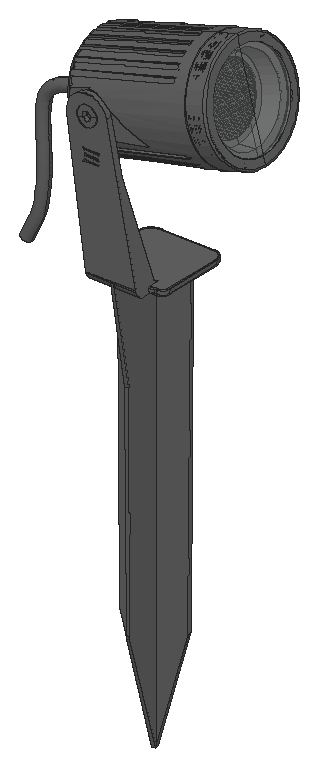
Revit family "STL23765_30 - 15°", category Luminárias, Revit 2023 (continued)
Forms (m)
  Extrusion 88, void, not visible
    sketch origin (0.146239, 0.1, 0.083329) x (1, 0, 0) y (0, 1, 0)
      loop
        line (-0.129582, 0.0135) -> (-0.128817, 0.012175) -> (-0.127287, 0.012175) -> (-0.126522, 0.0135) -> (-0.127287, 0.014825) -> (-0.128817, 0.014825) -> (-0.129582, 0.0135)
      loop
        line (-0.165955, 0.0105) -> (-0.16519, 0.009175) -> (-0.16366, 0.009175) -> (-0.162895, 0.0105) -> (-0.16366, 0.011825) -> (-0.16519, 0.011825) -> (-0.165955, 0.0105)
      loop
        line (-0.165955, 0.0135) -> (-0.16519, 0.012175) -> (-0.16366, 0.012175) -> (-0.162895, 0.0135) -> (-0.16366, 0.014825) -> (-0.16519, 0.014825) -> (-0.165955, 0.0135)
      loop
        line (-0.165955, -0.0105) -> (-0.16519, -0.011825) -> (-0.16366, -0.011825) -> (-0.162895, -0.0105) -> (-0.16366, -0.009175) -> (-0.16519, -0.009175) -> (-0.165955, -0.0105)
      loop
        line (-0.165955, -0.0135) -> (-0.16519, -0.014825) -> (-0.16366, -0.014825) -> (-0.162895, -0.0135) -> (-0.16366, -0.012175) -> (-0.16519, -0.012175) -> (-0.165955, -0.0135)
      loop
        line (-0.126522, -0.0135) -> (-0.127287, -0.012175) -> (-0.128817, -0.012175) -> (-0.129582, -0.0135) -> (-0.128817, -0.014825) -> (-0.127287, -0.014825) -> (-0.126522, -0.0135)
      loop
        line (-0.13218, -0.015) -> (-0.131415, -0.016325) -> (-0.129885, -0.016325) -> (-0.12912, -0.015) -> (-0.129885, -0.013675) -> (-0.131415, -0.013675) -> (-0.13218, -0.015)
      loop
        line (-0.129582, -0.0105) -> (-0.128817, -0.011825) -> (-0.127287, -0.011825) -> (-0.126522, -0.0105) -> (-0.127287, -0.009175) -> (-0.128817, -0.009175) -> (-0.129582, -0.0105)
      loop
        line (-0.126969, 0.005996) -> (-0.126204, 0.004671) -> (-0.124674, 0.004671) -> (-0.123909, 0.005996) -> (-0.124674, 0.007321) -> (-0.126204, 0.007321) -> (-0.126969, 0.005996)
      loop
        line (-0.126969, 0.002996) -> (-0.126204, 0.001671) -> (-0.124674, 0.001671) -> (-0.123909, 0.002996) -> (-0.124674, 0.004321) -> (-0.126204, 0.004321) -> (-0.126969, 0.002996)
      loop
        line (-0.126828, -0.000036) -> (-0.126196, -0.001325) -> (-0.124666, -0.001325) -> (-0.123901, 0) -> (-0.124666, 0.001325) -> (-0.126196, 0.001325) -> (-0.126828, -0.000036)
      loop
        line (-0.126961, -0.003) -> (-0.126196, -0.004325) -> (-0.124666, -0.004325) -> (-0.123901, -0.003) -> (-0.124666, -0.001675) -> (-0.126196, -0.001675) -> (-0.126961, -0.003)
      loop
        line (-0.126961, -0.006) -> (-0.126196, -0.007325) -> (-0.124666, -0.007325) -> (-0.123901, -0.006) -> (-0.124666, -0.004675) -> (-0.126196, -0.004675) -> (-0.126961, -0.006)
      loop
        line (-0.126961, 0.009) -> (-0.126196, 0.007675) -> (-0.124666, 0.007675) -> (-0.123901, 0.009) -> (-0.124666, 0.010325) -> (-0.126196, 0.010325) -> (-0.126961, 0.009)
      loop
        line (-0.126961, -0.009) -> (-0.126196, -0.010325) -> (-0.124666, -0.010325) -> (-0.123901, -0.009) -> (-0.124666, -0.007675) -> (-0.126196, -0.007675) -> (-0.126961, -0.009)
      loop
        line (-0.168553, 0) -> (-0.167788, -0.001325) -> (-0.166258, -0.001325) -> (-0.165626, 0) -> (-0.166258, 0.001325) -> (-0.167788, 0.001325) -> (-0.168553, 0)
      loop
        line (-0.168553, 0.003) -> (-0.167788, 0.001675) -> (-0.166258, 0.001675) -> (-0.165493, 0.003) -> (-0.166258, 0.004325) -> (-0.167788, 0.004325) -> (-0.168553, 0.003)
      loop
        line (-0.168553, 0.006) -> (-0.167989, 0.004675) -> (-0.166258, 0.004675) -> (-0.165493, 0.006) -> (-0.166258, 0.007325) -> (-0.167788, 0.007325) -> (-0.168553, 0.006)
      loop
        line (-0.168553, 0.009) -> (-0.167788, 0.007675) -> (-0.166258, 0.007675) -> (-0.165493, 0.009) -> (-0.166258, 0.010325) -> (-0.167788, 0.010325) -> (-0.168553, 0.009)
      loop
        line (-0.168553, -0.003) -> (-0.167788, -0.004325) -> (-0.166258, -0.004325) -> (-0.165493, -0.003) -> (-0.166258, -0.001675) -> (-0.167788, -0.001675) -> (-0.168553, -0.003)
      loop
        line (-0.168553, -0.006) -> (-0.167788, -0.007325) -> (-0.166258, -0.007325) -> (-0.165493, -0.006) -> (-0.166258, -0.004675) -> (-0.167956, -0.004675) -> (-0.168553, -0.006)
      loop
        line (-0.168553, -0.009) -> (-0.167788, -0.010325) -> (-0.166258, -0.010325) -> (-0.165493, -0.009) -> (-0.166258, -0.007675) -> (-0.167788, -0.007675) -> (-0.168553, -0.009)
    from 0.0006 to 0.0036
  Revolve 89, solid, material "Al - Preto" <- "Estrutura", not visible
    sketch origin (0.146239, 0.1, 0.082354) x (1, 0, 0) y (0, 0, 1)
      loop
        line (-0.168689, 0.000975) -> (-0.146239, 0.000975) -> (-0.146239, 0.004975) -> (-0.168689, 0.004975) -> (-0.168689, 0.000975)
      axis (-0.146239, 0.000975) -> (-0.146239, 0.004975)
    angle from 0 to 360
  Revolve 90, void, not visible
    sketch origin (0.146239, 0.1, 0.082354) x (1, 0, 0) y (0, 0, 1)
      loop
        line (-0.166389, 0.004575) -> (-0.168289, 0.004575) -> (-0.168289, 0.001375) -> (-0.166589, 0.001375) -> (-0.166589, 0.000575) -> (-0.146239, 0.000575) -> (-0.146239, 0.005375) -> (-0.166389, 0.005375) -> (-0.166389, 0.004575)
      axis (-0.146239, 0.000575) -> (-0.146239, 0.005375)
    angle from 0 to 360
  Extrusion 91, void, not visible
    sketch origin (0.146239, 0.1, 0.083329) x (1, 0, 0) y (0, 1, 0)
      loop
        circle (-0.146194, 0) r 0.021985
      loop
        line (-0.171139, 0.0249) -> (-0.171139, -0.0249) -> (-0.121339, -0.0249) -> (-0.121339, 0.0249) -> (-0.171139, 0.0249)
    from 0.0006 to 0.0036
  Revolve 92, solid, material "Al - Preto" <- "Estrutura", not visible
    sketch origin (0, 0.1, 0.1) x (0, 1, 0) y (0, 0, 1)
      loop
        line (-0.03312, -0.06674) -> (-0.03312, -0.072525) -> (-0.02312, -0.072525) -> (-0.02312, -0.070079) -> (-0.023586, -0.069424) -> (-0.024045, -0.070079) -> (-0.024511, -0.069424) -> (-0.02497, -0.070079) -> (-0.025436, -0.069424) -> (-0.025895, -0.070079) -> (-0.026361, -0.069424) -> (-0.02682, -0.070079) -> (-0.027284, -0.069427) -> (-0.029917, -0.069427) -> (-0.03232, -0.06674) -> (-0.03312, -0.06674)
      axis (-0.03312, -0.072525) -> (-0.02312, -0.072525)
    angle from 0 to 360
  Revolve 93, void, not visible
    sketch origin (0, 0.1, 0.1) x (0, 1, 0) y (0, 0, 1)
      loop
        line (-0.03312, -0.072525) -> (-0.02946, -0.072525) -> (-0.03062, -0.070515) -> (-0.03312, -0.070387) -> (-0.03312, -0.072525)
      axis (-0.03312, -0.072525) -> (-0.02946, -0.072525)
    angle from 0 to 360
  Extrusion 94, void, not visible
    sketch origin (0, 0.1, 0.1) x (1, 0, 0) y (0, 0, 1)
      loop
        line (-0.000668, -0.069846) -> (-0.002654, -0.071764) -> (-0.001986, -0.074442) -> (0.000668, -0.075203) -> (0.002654, -0.073286) -> (0.001986, -0.070607) -> (-0.000668, -0.069846)
    from 0.03062 to 0.03361
  Sweep 95, solid, material "Al - Preto" <- "Estrutura", not visible
    path origin (0.186698, -0.202262, -0.399025) x (0, 1, 0) y (-1, 0, 0)
      loop
        arc (0.175761, 0.003618) -> (0.176961, 0.004589) -> (0.177412, 0.006064) r 0.002639
        line (0.177412, 0.006064) -> (0.177412, 0.007655)
        arc (0.177412, 0.007655) -> (0.17873, 0.010837) -> (0.181912, 0.012155) r 0.0045
        line (0.181912, 0.012155) -> (0.217112, 0.012155)
        arc (0.217112, 0.012155) -> (0.222061, 0.010104) -> (0.224112, 0.005155) r 0.007
        line (0.224112, 0.005155) -> (0.224112, -0.027545)
        arc (0.224112, -0.027545) -> (0.222061, -0.032495) -> (0.217112, -0.034545) r 0.007
        line (0.217112, -0.034545) -> (0.181915, -0.034545)
        arc (0.181915, -0.034545) -> (0.178731, -0.033229) -> (0.177412, -0.030045) r 0.0045
        line (0.177412, -0.030045) -> (0.177412, -0.028455)
        arc (0.177412, -0.028455) -> (0.176965, -0.026893) -> (0.175761, -0.025803) r 0.002956
    profile origin (0.197894, 0.02185, -0.399025) x (0, 1, 0) y (0, 0, 1)
      loop
        arc (-0.0005, 0.000003) -> (-0.000146, 0.000149) -> (0, 0.000503) r 0.0005
        line (0, 0.000503) -> (0, 0.002703)
        arc (0, 0.002703) -> (-0.000146, 0.003056) -> (-0.0005, 0.003203) r 0.0005
        line (-0.0005, 0.003203) -> (-0.0005, 0.000003)
  Extrusion 96, solid, material "Al - Preto" <- "Estrutura", not visible
    sketch origin (0.186698, -0.202262, -0.399025) x (0, 1, 0) y (-1, 0, 0)
      loop
        arc (0.181912, 0.011655) -> (0.179083, 0.010483) -> (0.177912, 0.007655) r 0.004
        line (0.177912, 0.007655) -> (0.177912, 0.006064)
        arc (0.177912, 0.006064) -> (0.177377, 0.004312) -> (0.175955, 0.003157) r 0.003139
        line (0.175955, 0.003157) -> (0.175955, -0.025341)
        arc (0.175955, -0.025341) -> (0.177382, -0.026616) -> (0.177912, -0.028455) r 0.003456
        line (0.177912, -0.028455) -> (0.177912, -0.030045)
        arc (0.177912, -0.030045) -> (0.179084, -0.032875) -> (0.181915, -0.034045) r 0.004
        line (0.181915, -0.034045) -> (0.217112, -0.034045)
        arc (0.217112, -0.034045) -> (0.221708, -0.032142) -> (0.223612, -0.027545) r 0.0065
        line (0.223612, -0.027545) -> (0.223612, 0.005155)
        arc (0.223612, 0.005155) -> (0.221708, 0.009751) -> (0.217112, 0.011655) r 0.0065
        line (0.217112, 0.011655) -> (0.181912, 0.011655)
    from 0.000003 to 0.003203
  Extrusion 97, solid, material "Al - Preto" <- "Estrutura", not visible
    sketch origin (0.186698, -0.202262, -0.399025) x (0, 1, 0) y (-1, 0, 0)
      loop
        line (0.164849, 0.018669) -> (0.164849, -0.028178) -> (0.187096, -0.028178) -> (0.187096, 0.018669) -> (0.164849, 0.018669)
    from -0.001871 to 0.103371
  Extrusion 98, void, not visible
    sketch origin (0.186698, -0.202262, -0.4) x (0, 1, 0) y (0, 0, 1)
      loop
        line (0.172561, 0.000978) -> (0.183976, 0.000978) -> (0.183976, 0.004178)
        arc (0.183976, 0.004178) -> (0.181738, 0.004996) -> (0.180542, 0.007058) r 0.0035
        line (0.180542, 0.007058) -> (0.170757, 0.061475) -> (0.170761, 0.092272) -> (0.170761, 0.101646)
        arc (0.170761, 0.101646) -> (0.170592, 0.102055) -> (0.170183, 0.102225) r 0.000579
        line (0.170183, 0.102225) -> (0.16814, 0.102225)
        arc (0.16814, 0.102225) -> (0.167731, 0.102055) -> (0.167561, 0.101646) r 0.000579
        line (0.167561, 0.101646) -> (0.167561, 0.005978)
        arc (0.167561, 0.005978) -> (0.167581, 0.005533) -> (0.16764, 0.005093) r 0.005
        arc (0.16764, 0.005093) -> (0.169354, 0.002142) -> (0.172561, 0.000978) r 0.005
      loop
        line (0.164849, 0.104347) -> (0.164849, -0.000896) -> (0.187096, -0.000896) -> (0.187096, 0.104347) -> (0.164849, 0.104347)
    from -0.018669 to 0.028178
  Extrusion 99, void, not visible
    sketch origin (0.086698, -0.202262, -0.4) x (-1, 0, 0) y (0, 0, 1)
      loop
        line (-0.126515, 0.000478) -> (-0.108151, 0.092214)
        arc (-0.108151, 0.092214) -> (-0.100189, 0.101376) -> (-0.088247, 0.0992) r 0.012261
        arc (-0.088247, 0.0992) -> (-0.084685, 0.09421) -> (-0.083984, 0.088119) r 0.012261
        line (-0.083984, 0.088119) -> (-0.096167, 0.000478) -> (-0.081018, 0.000478) -> (-0.081018, 0.103129) -> (-0.128491, 0.103129) -> (-0.128491, 0.000478) -> (-0.126515, 0.000478)
    from 0.166255 to 0.18493
  Extrusion 100, void, not visible
    sketch origin (0.086698, -0.202262, -0.4) x (-1, 0, 0) y (0, 0, 1)
      loop
        line (-0.098674, 0.004178) -> (-0.09041, 0.063626) -> (-0.111053, 0.063626) -> (-0.122953, 0.004178) -> (-0.098674, 0.004178)
    from 0.170753 to 0.184545
  Extrusion 101, solid, material "Al - Preto" <- "Estrutura", not visible
    sketch origin (0.086698, -0.202262, -0.4) x (0, 1, 0) y (0, 0, 1)
      loop
        line (0.170761, 0.008178) -> (0.170761, 0.003194) -> (0.174761, 0.003194) -> (0.174761, 0.004178)
        arc (0.174761, 0.004178) -> (0.171933, 0.005349) -> (0.170761, 0.008178) r 0.004
    from 0.097967 to 0.123839
  Revolve 102, void, not visible
    sketch origin (0.182827, -0.202262, -0.4) x (0, 1, 0) y (0, 0, 1)
      loop
        line (0.170408, 0.093617) -> (0.168061, 0.095963) -> (0.167261, 0.095963) -> (0.167261, 0.089963) -> (0.171608, 0.089963) -> (0.171608, 0.093617) -> (0.170408, 0.093617)
      axis (0.167261, 0.089963) -> (0.171608, 0.089963)
    angle from 0 to 360
  Extrusion 103, solid, material "Al - Preto" <- "Estrutura", not visible
    sketch origin (0.086698, -0.202262, -0.4) x (-1, 0, 0) y (0, 0, 1)
      loop
        circle (-0.096129, 0.089963) r 0.0105
      loop
        circle (-0.096129, 0.089963) r 0.009
    from 0.170761 to 0.171261
  Extrusion 104, solid, material "Al - Preto" <- "Estrutura", not visible
    sketch origin (0.086698, -0.202262, -0.4) x (-1, 0, 0) y (0, 0, 1)
      loop
        arc (-0.0892, 0.000419) -> (-0.089044, 0.000784) -> (-0.088699, 0.000978) r 0.000616
        line (-0.088699, 0.000978) -> (-0.110197, 0.000978) -> (-0.110197, -0.259022) -> (-0.091052, -0.1923)
        arc (-0.091052, -0.1923) -> (-0.090919, -0.191658) -> (-0.09087, -0.191005) r 0.005011
        line (-0.09087, -0.191005) -> (-0.08931, -0.012202)
        arc (-0.08931, -0.012202) -> (-0.089506, -0.011722) -> (-0.089984, -0.011522) r 0.000674
        line (-0.089984, -0.011522) -> (-0.094984, -0.011522)
        arc (-0.094984, -0.011522) -> (-0.09601, -0.011341) -> (-0.096913, -0.01082) r 0.003
        arc (-0.096913, -0.01082) -> (-0.097703, -0.00979) -> (-0.097984, -0.008522) r 0.003
        line (-0.097984, -0.008522) -> (-0.097984, -0.004522)
        arc (-0.097984, -0.004522) -> (-0.094948, -0.001525) -> (-0.091519, -0.004064) r 0.003279
        line (-0.091519, -0.004064) -> (-0.091484, -0.005022)
        arc (-0.091484, -0.005022) -> (-0.091338, -0.005376) -> (-0.090984, -0.005522) r 0.0005
        line (-0.090984, -0.005522) -> (-0.089869, -0.005522)
        arc (-0.089869, -0.005522) -> (-0.089438, -0.005349) -> (-0.089246, -0.004926) r 0.000624
        line (-0.089246, -0.004926) -> (-0.0892, 0.000419)
      loop
        arc (-0.133695, 0.000978) -> (-0.133349, 0.000784) -> (-0.133194, 0.000419) r 0.000616
        line (-0.133194, 0.000419) -> (-0.131523, -0.191005)
        arc (-0.131523, -0.191005) -> (-0.131475, -0.191658) -> (-0.131341, -0.1923) r 0.005011
        line (-0.131341, -0.1923) -> (-0.112197, -0.259022) -> (-0.112197, 0.000978) -> (-0.133695, 0.000978)
    from 0.199112 to 0.201112
  Extrusion 105, solid, material "Al - Preto" <- "Estrutura", not visible
    sketch origin (0.086698, -0.202262, -0.4) x (0, 1, 0) y (0, 0, 1)
      loop
        line (0.178608, -0.055944) -> (0.179786, -0.191006)
        arc (0.179786, -0.191006) -> (0.179838, -0.19168) -> (0.17998, -0.192341) r 0.005
        line (0.17998, -0.192341) -> (0.199112, -0.259022) -> (0.199112, 0.000978) -> (0.172551, 0.000978)
        arc (0.172551, 0.000978) -> (0.169343, 0.002142) -> (0.16763, 0.005093) r 0.005
        line (0.16763, 0.005093) -> (0.178608, -0.055944)
      loop
        arc (0.220243, -0.192341) -> (0.220385, -0.19168) -> (0.220437, -0.191006) r 0.005
        line (0.220437, -0.191006) -> (0.222107, 0.000395)
        arc (0.222107, 0.000395) -> (0.222245, 0.00076) -> (0.222608, 0.000978) r 0.000618
        line (0.222608, 0.000978) -> (0.201112, 0.000978) -> (0.201112, -0.259022) -> (0.220243, -0.192341)
    from 0.110197 to 0.112197
  Extrusion 106, solid, material "Al - Preto" <- "Estrutura", not visible
    sketch origin (0.086698, -0.202262, -0.399025) x (0, 1, 0) y (-1, 0, 0)
      loop
        line (0.199112, -0.110197) -> (0.199112, -0.112197) -> (0.201112, -0.112197) -> (0.201112, -0.110197) -> (0.199112, -0.110197)
    from -0.259997 to 0.000003
  Extrusion 107, void
    sketch origin (0, 0, 0) x (1, 0, 0) y (0, 0, 1)
      loop
        line (-0.001351, 0.067155) -> (0.007276, 0.067155) -> (0.007276, 0.068596) -> (-0.001351, 0.068596) -> (-0.001351, 0.067155)
      loop
        line (-0.001351, 0.070325) -> (0.007276, 0.070325) -> (0.008442, 0.071766) -> (-0.002518, 0.071766) -> (-0.001351, 0.070325)
      loop
        line (-0.001351, 0.065426) -> (-0.002518, 0.063985) -> (0.008442, 0.063985) -> (0.007276, 0.065426) -> (-0.001351, 0.065426)
    from 0.032447 to 0.03312
Cuts and joins
  Extrusion 2, Extrusion 3, Sweep 5, Sweep 7, Sweep 8, Sweep 9, Sweep 10, Sweep 11, Sweep 12, Sweep 13, Sweep 14, Sweep 15, Sweep 16, Sweep 17, Sweep 18, Sweep 19, Sweep 20, Sweep 21, Sweep 22, Sweep 23, Sweep 24, Sweep 25, Extrusion 53 cuts Revolve 1
  Extrusion 32 cuts Revolve 27
  Extrusion 107 cuts Revolve 28
  Extrusion 32, Extrusion 107 cuts Extrusion 29
  Extrusion 32, Extrusion 107 cuts Revolve 31
  Extrusion 107 cuts Sweep 33
  joined: Revolve 28, Extrusion 29, Revolve 31, Sweep 33
  Extrusion 35, Extrusion 38 cuts Extrusion 34
  Revolve 37 cuts Revolve 36
  Extrusion 44, Revolve 46, Extrusion 107 cuts Extrusion 40
  Extrusion 42, Extrusion 43, Extrusion 44, Revolve 46, Extrusion 107 cuts Extrusion 41
  Extrusion 107 cuts Extrusion 47
  joined: Extrusion 40, Extrusion 41, Extrusion 47
  joined: Extrusion 48, Extrusion 49, Extrusion 50
  Revolve 52, Extrusion 53 cuts Revolve 51
Lines and regions (m)
  symbolic lines
    curve 1: line (0, 0, -0.070515) -> (0, 0, -0.074535)
    curve 2: line (0, 0, 0.090971) -> (0, 0, 0.086951)
Dimensions and locks (m)
  "Altura do espeto no ângulo de 90°": plane 10 to plane 8
  "Altura do Spot": plane 9 to plane 11 "Conector"
  "Diâmetro do Spot": plane 6 to plane 7
Automatic sketch dimensions
  curve 1 to plane 3 "Centro (Esquerda/Direita)" = 0.00 m
  curve 2 to plane 3 "Centro (Esquerda/Direita)" = 0.00 m
  curve 1 to level = 0.07451 m
  curve 1 to curve 1 = 0.00402 m
  plane 11 "Conector" to curve 2 = 0.03249 m
  curve 2 to curve 2 = 0.00402 m
  Extrusion 45 sketch curve to Extrusion 45 sketch curve = 0.004 m
  Extrusion 45 sketch curve to Extrusion 45 sketch curve = 0.000984 m
  Extrusion 101 sketch curve to Extrusion 101 sketch curve = 0.004 m
  Extrusion 101 sketch curve to Extrusion 101 sketch curve = 0.000984 m
  Extrusion 107 sketch curve to plane 3 "Centro (Esquerda/Direita)" = 0.002518 m  (x2)
  Extrusion 107 sketch curve to plane 3 "Centro (Esquerda/Direita)" = 0.001351 m  (x3)
  plane 3 "Centro (Esquerda/Direita)" to Extrusion 107 sketch curve = 0.007276 m
  Extrusion 107 sketch curve to Extrusion 107 sketch curve = 0.00 m  (x2)
  Extrusion 107 sketch curve to Extrusion 107 sketch curve = 0.001167 m  (x2)
  plane 11 "Conector" to Extrusion 107 sketch curve = 0.009524 m
  Extrusion 107 sketch curve to Extrusion 107 sketch curve = 0.001441 m  (x3)
  Extrusion 107 sketch curve to Extrusion 107 sketch curve = 0.001729 m  (x2)
  Sweep 33 sketch curve to profile plane = 0.00 m  (x2)
  Revolve 51 sketch curve to Revolve 51 sketch curve = 0.0008 m
  Revolve 51 sketch curve to Revolve 51 sketch curve = 0.002403 m
  Revolve 51 sketch curve to Revolve 51 sketch curve = 0.002634 m
  Revolve 51 sketch curve to Revolve 51 sketch curve = 0.000464 m
  Revolve 51 sketch curve to Revolve 51 sketch curve = 0.000459 m  (x4)
  Revolve 51 sketch curve to Revolve 51 sketch curve = 0.000466 m  (x4)
  Revolve 51 sketch curve to Revolve 51 sketch curve = 0.002445 m
  Revolve 51 sketch curve to Revolve 51 sketch curve = 0.00 m  (x5)
  Revolve 51 sketch curve to Revolve 51 sketch curve = 0.000652 m
  Revolve 51 sketch curve to Revolve 51 sketch curve = 0.000655 m  (x4)
  Revolve 51 sketch curve to Revolve 51 sketch curve = 0.002688 m
  Revolve 51 sketch curve to Revolve 51 sketch curve = 0.001093 m
  Revolve 51 sketch curve to Revolve 51 sketch curve = 0.000522 m
  Revolve 52 sketch curve to Revolve 52 sketch curve = 0.0025 m
  Revolve 52 sketch curve to Revolve 52 sketch curve = 0.00116 m
  Revolve 52 sketch curve to Revolve 52 sketch curve = 0.00201 m
  Revolve 52 sketch curve to Revolve 52 sketch curve = 0.002137 m
  Revolve 52 sketch curve to Revolve 52 sketch curve = 0.00036 m
  Revolve 52 sketch curve to Revolve 52 sketch curve = 0.000397 m
  Revolve 52 sketch curve to Revolve 52 sketch curve = 0.00 m
  Sweep 33 sketch curve to Sweep 33 sketch curve = 0.081542 m
  Sweep 33 sketch curve to Sweep 33 sketch curve = 0.070883 m
  Sweep 86 sketch curve to profile plane = 0.00 m  (x2)
  Revolve 92 sketch curve to Revolve 92 sketch curve = 0.0008 m
  Revolve 92 sketch curve to Revolve 92 sketch curve = 0.002403 m
  Revolve 92 sketch curve to Revolve 92 sketch curve = 0.002634 m
  Revolve 92 sketch curve to Revolve 92 sketch curve = 0.000464 m
  Revolve 92 sketch curve to Revolve 92 sketch curve = 0.000459 m  (x4)
  Revolve 92 sketch curve to Revolve 92 sketch curve = 0.000466 m  (x4)
  Revolve 92 sketch curve to Revolve 92 sketch curve = 0.002445 m
  Revolve 92 sketch curve to Revolve 92 sketch curve = 0.00 m  (x5)
  Revolve 92 sketch curve to Revolve 92 sketch curve = 0.000652 m
  Revolve 92 sketch curve to Revolve 92 sketch curve = 0.000655 m  (x4)
  Revolve 92 sketch curve to Revolve 92 sketch curve = 0.002688 m
  Revolve 92 sketch curve to Revolve 92 sketch curve = 0.001093 m
  Revolve 92 sketch curve to Revolve 92 sketch curve = 0.000522 m
  Revolve 93 sketch curve to Revolve 93 sketch curve = 0.0025 m
  Revolve 93 sketch curve to Revolve 93 sketch curve = 0.00116 m
  Revolve 93 sketch curve to Revolve 93 sketch curve = 0.00201 m
  Revolve 93 sketch curve to Revolve 93 sketch curve = 0.002137 m
  Revolve 93 sketch curve to Revolve 93 sketch curve = 0.00036 m
  Revolve 93 sketch curve to Revolve 93 sketch curve = 0.000397 m
  Revolve 93 sketch curve to Revolve 93 sketch curve = 0.00 m
  Sweep 86 sketch curve to Sweep 86 sketch curve = 0.081542 m
  Sweep 86 sketch curve to Sweep 86 sketch curve = 0.070883 m
  radius of Sweep 33 sketch curve = 0.0034 m
  radius of Sweep 86 sketch curve = 0.0034 m
Connectors (m)
  electrical at (0, 0, 0.054461)
    settings: index 1, voltage 0 V, apparent load 0 VA, apparent load phase1 0 VA, apparent load phase2 0 VA, apparent load phase3 0 VA, power factor 1, load classification "Outro", number of poles 1, system type 31, power factor state 1, is connector primary yes, connector utility no, sub classification motor no, connector description ""
